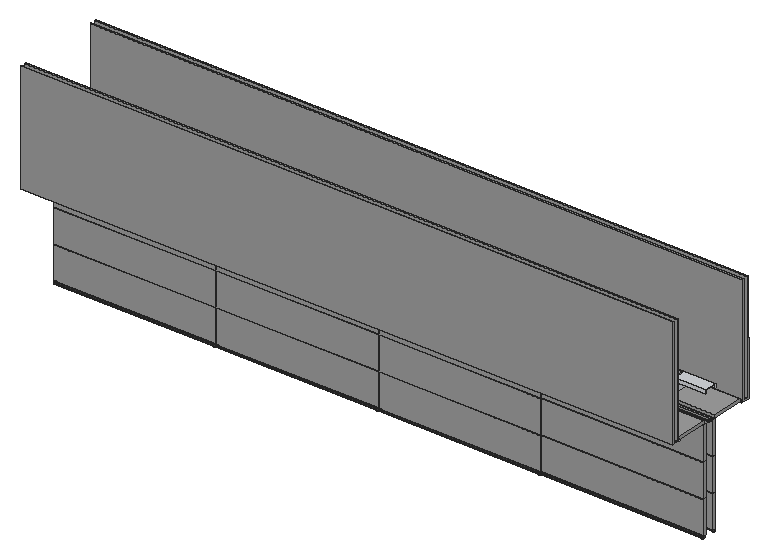
Revit family "Partition-3and1_Panels_High-Skyfold_Zenith_Premium-7-0_to_7-6_FC_2135_to_2285", category Generic Models, host Ceiling, Revit 2026
Family settings
  Host = Ceiling
  Can host rebar = No
  Round Connector Dimension = Use Diameter
  Part Type = Normal
  Always vertical = Yes
  Cut with Voids When Loaded = No
  Maintain Annotation Orientation = No
  Shared = No
  Room Calculation Point = No
Parameters (values of type "3 + 1  Panels high")
  Visibility Of Unfold Single Panel [instance] = and(not(Fold), Number Of Panels < 2)  # no
  Visibility Of Fold Single Panel [instance] = and(Fold, Number Of Panels < 2)  # no
  Visibility Of Fold Panels [instance] = and(Fold, Number Of Panels > 1)  # no
  URL = "http://www.skyfold.com/"
  Total Panel Height = ([Panel Height"F"] * 3) + 0' 1"  # 6' - 9 5/8"
  T.O. Hanger = 8' - 10 9/16"
  Pocket Width Calc = if([Pocket Width"E"] > 5' 11 3/8", 5' 11 3/8", [Pocket Width"E"])  # 5' - 7 1/8"
  Pocket Material [instance] = Default
  Panel Array [instance] = if(Number Of Panels < 3, 2, Number Of Panels)  # 4
  Panel 3 Material [instance] = Default
  Panel 2 Material [instance] = Default
  Offset Of Acoustic Barrier [instance] = Offset From Ceiling  # 0' - 0"
  Model = "Compact Drive System"
  Manufacturer = "Skyfold"
  Horizontal Panel 4 Material [instance] = Default
  Description = "Custom Powerlift Partitions"
  Default Elevation = 0' - 0"
  Center Pantograph Visibility [instance] = Number Of Panels > 2  # yes
  Visibility Of Single Pantograph [instance] = and(Number Of Panels = 2, Total Wall Length > 16' 0 31/32")  # no
  Total Wall Length [instance] = 45' - 0"
  Wall Thickness = 0' - 11 3/4"  # constant formula
  Unfold [instance] = and(not(Fold), Number Of Panels > 1)  # yes
  Pocket Width"E" = ([Panel Height"F"] * 2) + 1' 1 3/8"  # 5' - 7 1/8"
  Panel Length [instance] = (Total Wall Length - 0' 2" - (Number Of Panels - 1) * 0' 0 1/2") / Number Of Panels  # 11' - 2 1/8"
  Panel Height"F" = 2' - 2 7/8"
  Offset From Ceiling [instance] = 0' - 0"
  Center Pantographs [instance] = if(Number Of Panels < 3, 2, Number Of Panels - 1)  # 3
  Number Of Panels [instance] = (Total Wall Length / Max Panel Length) + 0.499  # 4
  Motor Positioning [instance] = if(and(Total Wall Length > 16' 0 15/16", Total Wall Length < 24' 0 5/32"), (Total Wall Length / 2) - ((Panel Length - 2' 8") / 2), if(or(Number Of Panels = 1, Total Wall Length < 16' 1", Number Of Panels = 3, Number Of Panels = 5, Number Of Panels = 7, Number Of Panels = 9, Number Of Panels = 11), (Total Wall Length / 2), (Total Wall Length / 2) - (Panel Length / 2)))  # 16' - 10 15/16"
  Max Wall Length [instance] = 100' - 0"  # constant formula
  Max Panel Length [instance] = 12' - 0"  # constant formula
  Height Distance Between  Panels [instance] = [Panel Height"F"] + 0' 0 1/2"  # 2' - 3 3/8"
  Fold [instance] = no
  Distance From Acoustic Barrier = 0' - 2"  # constant formula
  Distance Between Panels [instance] = Panel Length + 0' 0 1/2"  # 11' - 2 5/8"
  Finished Ceiling"A" = 7' - 0 1/2"
  Panel 1 Material [instance] = Default
  Top Of Acoustic Barrier [instance] = 14' - 7"
  Bulkhead Width = 0' - 5 1/4"
  Beam to Hanger = [Beam Height"B"] - T.O. Hanger  # 0' - 3 7/16"
  Assembly Code = ""
  Beam Height"B" = 9' - 2"
Reference planes (in)
  plane 1 "Center (Front/Back)": y = 0
  plane 2 "Ceiling": z = 96
  plane 3 "Center (Left/Right)": x = 0
  plane 4: y = -33.5625
  plane 5: y = 33.5625
  plane 6: y = -5.875
  plane 7: y = 5.875
  plane 8: x = 540
  plane 9: x = 1
  plane 10: x = 135.625
  plane 11: z = 96
  plane 12: z = 11.5
  plane 13 "Beam height": z = 121.5
  plane 14: x = 202.9375
  plane 15: z = 96
  plane 16: z = 186.5
  plane 17: z = 118.0625
Lines and regions (in)
  Opening 1
    outline origin (0, 3.93322, 96) x (1, 0, 0) y (0, 1, 0)
      loop
        line (0, 34.87928) -> (0, -42.74572) -> (540, -42.74572) -> (540, 34.87928) -> (0, 34.87928)
Dimensions and locks (in)
  equal spacing: host sketch curve, plane 3 "Center (Left/Right)", host sketch curve
  equal spacing: host sketch curve, plane 1 "Center (Front/Back)", host sketch curve
  host sketch curve to host sketch curve = 10' - 0"  (x2)
  plane 2 "Ceiling" to level = 7' - 0"
  equal spacing: plane 4, plane 1 "Center (Front/Back)", plane 5
  "Pocket Width Calc": plane 4 to plane 5
  equal spacing: plane 6, plane 1 "Center (Front/Back)", plane 7
  "Wall Thickness": plane 6 to plane 7
  "Total Wall Length": plane 8 to plane 3 "Center (Left/Right)"
  locked: plane 9 to plane 3 "Center (Left/Right)" at 1
  "Distance Between Panels": plane 10 to plane 9
  equal spacing: group 1, group 2, group 7, group 8  (x3)
  equal spacing: group 3, group 4, group 9, group 10  (x3)
  "Finished Ceiling"A"": plane 11 to plane 12
  locked: nested 7 to plane 3 "Center (Left/Right)" at 32
  locked: plane 8 to nested 8 at 32
  locked: nested 4 to nested 9 at 0.25
  equal spacing: group 5, group 6, group 11  (x3)
  "Distance Between Panels": nested 10 to nested 9
  locked: plane 10 to nested 11 at 0.25
  "Motor Positioning": plane 14 to plane 3 "Center (Left/Right)"
  "Offset From Ceiling": plane 11 to plane 15
  "Top Of Acoustic Barrier": plane 16 to plane 12
  "Beam Height"B"": plane 13 "Beam height" to plane 12
  plane 17 to plane 15 = 1' - 10 1/16"
  aligned and locked: Opening 1 sketch curve to plane 8
  aligned and locked: plane 2 "Ceiling" to host ceiling
  aligned and locked: nested 1 to plane 1 "Center (Front/Back)"
  aligned and locked: plane 9 to nested 1
  aligned and locked: plane 10 to nested 3
  aligned and locked: plane 10 to nested 4
  aligned and locked: plane 8 to nested 5
  aligned and locked: plane 3 "Center (Left/Right)" to nested 5
  aligned and locked: nested 12 to plane 1 "Center (Front/Back)"
  aligned and locked: nested 13 to plane 1 "Center (Front/Back)"
  aligned and locked: nested 14 to nested 13
  aligned and locked: plane 9 to nested 14
  aligned and locked: nested 15 to nested 13
  aligned and locked: plane 9 to nested 15
  aligned and locked: plane 14 to nested 6
  aligned and locked: nested 12 to plane 15
  aligned and locked: nested 2 to plane 15
  aligned and locked: nested 14 to plane 15
  aligned and locked: nested 4 to plane 15
  aligned and locked: plane 2 "Ceiling" to plane 11
  aligned and locked: plane 7 to nested 17
  aligned and locked: nested 16 to plane 11
  aligned and locked: plane 15 to nested 15
  aligned and locked: plane 15 to nested 1
  aligned and locked: nested 13 to nested 3
  aligned and locked: plane 17 to nested 11  (x2)
  aligned and locked: nested 8 to plane 17
  aligned and locked: plane 17 to nested 7
  aligned and locked: plane 15 to nested 3
  aligned and locked: nested 13 to nested 12
  aligned and locked: nested 10 to plane 17
  aligned and locked: plane 17 to nested 9
  aligned and locked: nested 19 to nested 6
  aligned and locked: nested 5 to nested 7
  aligned and locked: nested 6 to nested 7
  aligned and locked: nested 17 to plane 13 "Beam height"
  aligned and locked: plane 1 "Center (Front/Back)" to nested 20
  aligned and locked: plane 16 to nested 20
  aligned and locked: nested 20 to nested 12
  aligned and locked: Opening 1 sketch curve to nested 20  (x2)
Automatic sketch dimensions
  Opening 1 sketch curve to plane 3 "Center (Left/Right)" = 0' - 0"
Nested families (in)
  nested 1: "5 panels group" at (1, 0, -133.8586), visible <- "Unfold", Panel 3 Material <- "Panel 3 Material", Panel 2 Material <- "Panel 2 Material", Panel 1 Material <- "Panel 1 Material", Panel Length <- "Panel Length", type "5 panels group"
    with Total Panel Height 6' - 9 5/8", Panel Length 11' - 2 1/8", Panel 3 Material Default, Panel 2 Material Default, Panel 1 Material Default, Horizontal Panel 4 Material Default
  nested 2: "Horizontal panel" at (1, 12.57079, 84), visible <- "Visibility Of Fold Panels", Panel Length <- "Panel Length", Panel Height <- "Panel Height"F"", type "Horizontal panel"
    with Panel Material Default, Panel Length 11' - 2 1/8", Panel Height 2' - 2 7/8"
  nested 3: "5 panels group" at (135.625, 0, -133.8586), visible <- "Unfold", Panel 3 Material <- "Panel 3 Material", Panel 2 Material <- "Panel 2 Material", Panel 1 Material <- "Panel 1 Material", Panel Length <- "Panel Length", type "5 panels group"
    with Total Panel Height 6' - 9 5/8", Panel Length 11' - 2 1/8", Panel 3 Material Default, Panel 2 Material Default, Panel 1 Material Default, Horizontal Panel 4 Material Default
  nested 4: "Horizontal panel" at (135.625, 12.57079, 84), visible <- "Visibility Of Fold Panels", Panel Length <- "Panel Length", Panel Height <- "Panel Height"F"", type "Horizontal panel"
    with Panel Material Default, Panel Length 11' - 2 1/8", Panel Height 2' - 2 7/8"
  nested 5: "Beam" at (0, -10.75, 102.80469), type "Pocket"
    with Total_Wall_Length 45' - 0"
  nested 6: "Motor" at (185.9375, -23, 111.5), type "Compact"
    with Motor_Height 0' - 10"
  nested 7: "Pantograph" at (54.25, -4, 110.3125) x (0, 1, 0) z (0, 0, 1), type "Pantograph"
    with Beam to Hanger 0' - 3 7/16"
  nested 8: "Pantograph" at (530.25, -4, 110.3125) x (0, 1, 0) z (0, 0, 1), type "Pantograph"
    with Beam to Hanger 0' - 3 7/16"
  nested 9: "Pantograph" at (157.625, -4, 110.3125) x (0, 1, 0) z (0, 0, 1), visible <- "Center Pantograph Visibility", type "Pantograph"
    with Visibility Of Single Pantograph yes, Beam to Hanger 0' - 3 7/16"
  nested 10: "Pantograph" at (292.25, -4, 110.3125) x (0, 1, 0) z (0, 0, 1), visible <- "Center Pantograph Visibility", type "Pantograph"
    with Visibility Of Single Pantograph yes, Beam to Hanger 0' - 3 7/16"
  nested 11: "Pantograph" at (157.625, -4, 110.3125) x (0, 1, 0) z (0, 0, 1), visible <- "Visibility Of Single Pantograph", type "Pantograph"
    with Beam to Hanger 0' - 3 7/16"
  nested 12: "2D Fold Panels" at (1, 2.5592, 96) x (0, 1, 0) z (1, 0, 0), visible <- "Fold", Panel_Height <- "Panel Height"F"", type "Complete Panels"
    with Panel_Height 2' - 2 7/8"
  nested 13: "2D Unfold Panels" at (1, -0.69511, 2.28125) x (0, 1, 0) z (1, 0, 0), visible <- "Unfold", type "Unfold panels"
    with Total Panel Height 6' - 9 5/8", Panel height 2' - 2 7/8", Horizontal Panel Length 2' - 1 7/8", Height Distance Between  Panels 2' - 3 3/8"
  nested 14: "Horizontal panel" at (1, 12.57079, 84), visible <- "Visibility Of Fold Single Panel", Panel Material <- "Panel 1 Material", Panel Length <- "Panel Length", Panel Height <- "Panel Height"F"", type "Horizontal panel"
    with Panel Material Default, Panel Length 11' - 2 1/8", Panel Height 2' - 2 7/8"
  nested 15: "5 panels group" at (1, 0, -133.8586), visible <- "Visibility Of Unfold Single Panel", Panel 3 Material <- "Panel 3 Material", Panel 2 Material <- "Panel 2 Material", Panel 1 Material <- "Panel 1 Material", Panel Length <- "Panel Length", type "5 panels group"
    with Total Panel Height 6' - 9 5/8", Panel Length 11' - 2 1/8", Panel 3 Material Default, Panel 2 Material Default, Panel 1 Material Default, Horizontal Panel 4 Material Default
  nested 16: "Suspended Ceiling Component" at (1020, 39.8125, 96) x (0, 1, 0) z (1, 0, 0), type "Suspended Ceiling Component"
  nested 17: "construction as per ASTM E557 Component" at (1020, 5.875, 121.5) x (0, 1, 0) z (1, 0, 0), type "construction as per ASTM E557 Component"
  nested 18: "Disclaimer Component" at (1020, -39.8125, 121.5) x (0, 1, 0) z (1, 0, 0), type "Disclaimer Component"
  nested 19: "Acoustic barrier note" at (0, 39.8125, 110.41531) x (0, -1, 0) z (-1, 0, 0), type "Acoustic barrier note"
  nested 20: "Pocket" at (0, -10.75, 97.30469), Total Wall Length <- "Total Wall Length", Beam Height <- "Beam Height"B"", Pocket Material <- "Pocket Material", type "Pocket"
    with Total Wall Length 45' - 0", T.O. Acoustic 15' - 5", Pocket Material Default, Offset 0' - 0 1/2", Beam Height 9' - 2", Acoustic Barrier"C" 1' - 7 5/8", Pocket Width"E" 5' - 7 1/8"
  nested 21: "5 panels group" at (270.25, 0, -133.8586), visible <- "Unfold", Panel 3 Material <- "Panel 3 Material", Panel 2 Material <- "Panel 2 Material", Panel 1 Material <- "Panel 1 Material", Panel Length <- "Panel Length", type "5 panels group"
    with Total Panel Height 6' - 9 5/8", Panel Length 11' - 2 1/8", Panel 3 Material Default, Panel 2 Material Default, Panel 1 Material Default, Horizontal Panel 4 Material Default
  nested 22: "5 panels group" at (404.875, 0, -133.8586), visible <- "Unfold", Panel 3 Material <- "Panel 3 Material", Panel 2 Material <- "Panel 2 Material", Panel 1 Material <- "Panel 1 Material", Panel Length <- "Panel Length", type "5 panels group"
    with Total Panel Height 6' - 9 5/8", Panel Length 11' - 2 1/8", Panel 3 Material Default, Panel 2 Material Default, Panel 1 Material Default, Horizontal Panel 4 Material Default
  nested 23: "Horizontal panel" at (270.25, 12.57079, 84), visible <- "Visibility Of Fold Panels", Panel Length <- "Panel Length", Panel Height <- "Panel Height"F"", type "Horizontal panel"
    with Panel Material Default, Panel Length 11' - 2 1/8", Panel Height 2' - 2 7/8"
  nested 24: "Horizontal panel" at (404.875, 12.57079, 84), visible <- "Visibility Of Fold Panels", Panel Length <- "Panel Length", Panel Height <- "Panel Height"F"", type "Horizontal panel"
    with Panel Material Default, Panel Length 11' - 2 1/8", Panel Height 2' - 2 7/8"
  nested 25: "Pantograph" at (426.875, -4, 110.3125) x (0, 1, 0) z (0, 0, 1), visible <- "Center Pantograph Visibility", type "Pantograph"
    with Visibility Of Single Pantograph yes, Beam to Hanger 0' - 3 7/16"
Definition of nested family "5 panels group"
  Parameters (values of type "5 panels group")
    Total Panel Height [instance] = (Panel Height * 3) + 0' 1"  # 6' - 9 5/8"
    Panel Length [instance] = 3' - 0"
    Panel Height = 2' - 2 7/8"
    Panel 3 Material [instance] = none
    Panel 2 Material [instance] = none
    Panel 1 Material [instance] = none
    Horizontal Panel Height = Panel Height - 0' 1"  # 2' - 1 7/8"
    Horizontal Panel 4 Material [instance] = none
    Height Distance Between  Panels = Panel Height + 0' 0 1/2"  # 2' - 3 3/8"
    Folded Width = 0' - 11 3/4"
    Default Elevation = 0' - 0"
    Assembly Code = ""
  Reference planes (in)
    plane 1 "Center (Front/Back)": y = 0
    plane 2: z = 0
    plane 3 "Center (Left/Right)": x = 0
    plane 4: y = 5.875
    plane 5: z = 229.8586
    plane 6: y = -5.875
    plane 7: x = 36
    plane 8: z = 147.3586
    plane 9: z = 201.6086
    plane 10: z = 174.2336
    plane 11: z = 228.9836
  Forms (in)
    Extrusion 1, solid
      sketch origin (0, 1.79895, 58.50004) x (0, 1, 0) y (0, 0, 1)
        loop
          line (-6.80477, 87.17846) -> (-7.05382, 88.60856) -> (-6.92395, 88.60856) -> (-6.92395, 88.85857) -> (-7.67395, 88.85857) -> (-7.67395, 88.60856) -> (-7.41508, 88.60856) -> (-7.66413, 87.17846)
          arc (-7.66413, 87.17846) -> (-7.23445, 86.74878) -> (-6.80477, 87.17846) r 0.42968
      from 0 to 36
    Extrusion 2, solid
      sketch origin (0, -1.79895, 58.50004) x (0, -1, 0) y (0, 0, -1)
        loop
          arc (-6.80477, -87.17846) -> (-7.23445, -86.74878) -> (-7.66413, -87.17846) r 0.42968
          line (-7.66413, -87.17846) -> (-7.41508, -88.60856) -> (-7.67395, -88.60856) -> (-7.67395, -88.85857) -> (-6.92395, -88.85857) -> (-6.92395, -88.60856) -> (-7.05382, -88.60856) -> (-6.80477, -87.17846)
      from 0 to 36
  Dimensions and locks (in)
    equal spacing: plane 6, plane 1 "Center (Front/Back)", plane 4
    "Folded Width": plane 6 to plane 4
    "Panel Length": plane 7 to plane 3 "Center (Left/Right)"
    plane 5 to plane 11 = 0' - 0 7/8"
    plane 11 to plane 5 = 0' - 0 7/8"
    "Panel Height": nested 5 to nested 5
    "Panel Height": nested 3 to nested 3
    "Panel Height": nested 1 to nested 1
    "Height Distance Between  Panels": plane 11 to plane 9
    "Total Panel Height": plane 11 to plane 8
    "Panel Height": plane 11 to nested 2
    "Panel Height": nested 4 to nested 4
    "Panel Height": nested 6 to nested 6
    equal spacing: plane 11, plane 9, plane 10
    aligned: plane 4 to nested 1
    aligned: plane 6 to nested 2
    aligned and locked: plane 3 "Center (Left/Right)" to nested 1
    aligned and locked: plane 7 to Extrusion 1
    aligned and locked: Extrusion 1 to plane 3 "Center (Left/Right)"
    aligned and locked: Extrusion 1 to plane 6
    aligned and locked: Extrusion 2 to plane 3 "Center (Left/Right)"
    aligned and locked: plane 7 to Extrusion 2
    aligned and locked: plane 9 to nested 3
    aligned and locked: nested 4 to plane 9
    aligned and locked: plane 10 to nested 5
    aligned and locked: nested 6 to plane 10
    aligned: nested 2 to plane 11
    aligned: plane 11 to nested 1
    aligned and locked: plane 6 to nested 2
    aligned and locked: plane 6 to nested 4
    aligned and locked: plane 6 to nested 6
    aligned and locked: plane 4 to nested 5
    aligned and locked: plane 4 to nested 3
    aligned and locked: plane 4 to nested 1
    aligned and locked: plane 11 to nested 1
    aligned and locked: nested 2 to plane 11
    aligned and locked: nested 8 to plane 7
    aligned and locked: plane 7 to nested 7
  Automatic sketch dimensions
    Extrusion 1 sketch curve to plane 6 = 0' - 0"
    plane 6 to Extrusion 1 sketch curve = 0' - 0.00982"
    Extrusion 1 sketch curve to Extrusion 1 sketch curve = 0' - 0.25887"
    Extrusion 1 sketch curve to Extrusion 1 sketch curve = 0' - 0 55/128"
    Extrusion 1 sketch curve to plane 8 = 0' - 0 1/4"  (x2)
    Extrusion 1 sketch curve to Extrusion 1 sketch curve = 0' - 0.36126"
    plane 8 to Extrusion 1 sketch curve = 0' - 0"
    Extrusion 1 sketch curve to Extrusion 1 sketch curve = 0' - 0.12987"
    Extrusion 1 sketch curve to Extrusion 1 sketch curve = 0' - 1.4301"
    Extrusion 2 sketch curve to plane 4 = 0' - 0"
    plane 4 to Extrusion 2 sketch curve = 0' - 0.00982"
    Extrusion 2 sketch curve to Extrusion 2 sketch curve = 0' - 0.25887"
    Extrusion 2 sketch curve to Extrusion 2 sketch curve = 0' - 0 55/128"
    plane 8 to Extrusion 2 sketch curve = 0' - 0 1/4"  (x2)
    Extrusion 2 sketch curve to Extrusion 2 sketch curve = 0' - 0.36126"
    Extrusion 2 sketch curve to plane 8 = 0' - 0"
    Extrusion 2 sketch curve to Extrusion 2 sketch curve = 0' - 0.12987"
    Extrusion 2 sketch curve to Extrusion 2 sketch curve = 0' - 1.4301"
  Nested families (in)
    nested 1: "Top panel" at (0, 3.625, 202.1086), Panel Length <- "Panel Length", Panel Height <- "Panel Height", Panel Material <- "Panel 3 Material", type "Panneau_top"
      with Panel Material none, Panel Length 3' - 0", Panel Height 2' - 2 7/8"
    nested 2: "Top panel" at (0, -3.625, 202.1086), Panel Length <- "Panel Length", Panel Height <- "Panel Height", Panel Material <- "Panel 3 Material", type "Panneau_top"
      with Panel Material none, Panel Length 3' - 0", Panel Height 2' - 2 7/8"
    nested 3: "Panneau_top" at (0, 3.625, 174.7336), panel_height <- "Panel Height", panel_length <- "Panel Length", Panel_Material <- "Panel 2 Material", type "Panneau_top"
      with panel_length 3' - 0", panel_height 2' - 2 7/8", Panel_Material none
    nested 4: "Panneau_top" at (0, -3.625, 174.7336), panel_height <- "Panel Height", panel_length <- "Panel Length", Panel_Material <- "Panel 2 Material", type "Panneau_top"
      with panel_length 3' - 0", panel_height 2' - 2 7/8", Panel_Material none
    nested 5: "Panneau_top" at (0, 3.625, 147.3586), panel_height <- "Panel Height", panel_length <- "Panel Length", Panel_Material <- "Panel 1 Material", type "Panneau_top"
      with panel_length 3' - 0", panel_height 2' - 2 7/8", Panel_Material none
    nested 6: "Panneau_top" at (0, -3.625, 147.3586), panel_height <- "Panel Height", panel_length <- "Panel Length", Panel_Material <- "Panel 1 Material", type "Panneau_top"
      with panel_length 3' - 0", panel_height 2' - 2 7/8", Panel_Material none
    nested 7: "Horizontal panel" at (36, 5.59579, 229.8586) x (0, 1, 0) z (0, 0, 1), Horizontal Panel Height <- "Horizontal Panel Height", Panel Length <- "Panel Length", Panel Material <- "Horizontal Panel 4 Material", type "Panneau_top"
      with Panel Material none, Panel Length 3' - 0", Horizontal Panel Height 2' - 1 7/8"
    nested 8: "Horizontal panel" at (36, -5.59579, 229.8586) x (0, -1, 0) z (0, 0, 1), Horizontal Panel Height <- "Horizontal Panel Height", Panel Length <- "Panel Length", Panel Material <- "Horizontal Panel 4 Material", type "Panneau_top"
      with Panel Material none, Panel Length 3' - 0", Horizontal Panel Height 2' - 1 7/8"
  Definition of nested family "Top panel"
    Parameters (values of type "Panneau_top")
      Panel Material [instance] = none
      Panel Length [instance] = 4' - 0"
      Panel Height [instance] = 4' - 0"
      Default Elevation = 0' - 0"
      Assembly Code = ""
    Reference planes (in)
      plane 1 "Center (Front/Back)": y = 0
      plane 2: z = 0
      plane 3 "Center (Left/Right)": x = 0
      plane 4: x = 48
      plane 5: z = 48
    Forms (in)
      Extrusion 1, solid, material <- "Panel Material"
        sketch origin (0, 1.5, 0) x (0, 1, 0) y (0, 0, 1)
          loop
            line (-1.5, 48) -> (-1.5, 0) -> (0.75, 0) -> (0.75, 48) -> (-1.5, 48)
        from 0 to 48
    Dimensions and locks (in)
      "Panel Length": plane 4 to plane 3 "Center (Left/Right)"
      locked: plane 1 "Center (Front/Back)" to Extrusion 1 at 2.25
      "Panel Height": plane 5 to plane 2
      aligned and locked: plane 4 to Extrusion 1
      aligned and locked: Extrusion 1 sketch curve to plane 2
      aligned and locked: plane 1 "Center (Front/Back)" to Extrusion 1
      aligned and locked: plane 5 to Extrusion 1
    Automatic sketch dimensions
      Extrusion 1 sketch curve to Extrusion 1 sketch curve = 0' - 2 1/4"
      Extrusion 1 sketch curve to plane 1 "Center (Front/Back)" = 0' - 0"
      Extrusion 1 sketch curve to plane 5 = 0' - 0"
  Definition of nested family "Panneau_top"
    Parameters
      panel_length [instance] = 4' - 0"
      panel_height [instance] = 4' - 0"
      Panel_Material [instance] = none
      Default Elevation = 0' - 0"
      Assembly Code = ""
    Reference planes (in)
      plane 1 "Center (Front/Back)": y = 0
      plane 2: z = 0
      plane 3 "Center (Left/Right)": x = 0
      plane 4: z = 48
      plane 5: x = 48
    Forms (in)
      Extrusion 1, solid, material <- "Panel_Material"
        sketch origin (0, 1.5, 0) x (0, 1, 0) y (0, 0, 1)
          loop
            line (-1.5, 48) -> (-1.5, 0) -> (0.75, 0) -> (0.75, 48) -> (-1.5, 48)
        from 0 to 48
    Dimensions and locks (in)
      "panel_length": plane 5 to plane 3 "Center (Left/Right)"
      "panel_height": plane 4 to plane 2
      locked: plane 1 "Center (Front/Back)" to Extrusion 1 at 2.25
      aligned and locked: plane 4 to Extrusion 1
      aligned and locked: plane 5 to Extrusion 1
      aligned and locked: Extrusion 1 sketch curve to plane 2
      aligned and locked: plane 1 "Center (Front/Back)" to Extrusion 1
    Automatic sketch dimensions
      Extrusion 1 sketch curve to plane 4 = 0' - 0"
      Extrusion 1 sketch curve to Extrusion 1 sketch curve = 0' - 2 1/4"
      Extrusion 1 sketch curve to plane 1 "Center (Front/Back)" = 0' - 0"
  Definition of nested family "Horizontal panel"
    Parameters (values of type "Panneau_top")
      Panel Material [instance] = none
      Panel Length [instance] = 4' - 0"
      Horizontal Panel Height [instance] = 4' - 0"
      Default Elevation = 0' - 0"
      Assembly Code = ""
    Reference planes (in)
      plane 1 "Center (Front/Back)": y = 0
      plane 2: z = 0
      plane 3 "Center (Left/Right)": x = 0
      plane 4: x = 48
      plane 5: z = 2.25
      plane 6: y = 48
    Forms (in)
      Extrusion 1, solid, material <- "Panel Material"
        sketch origin (0, 1.5, 0) x (0, 1, 0) y (0, 0, 1)
          loop
            line (-1.5, 2.25) -> (-1.5, 0) -> (46.5, 0) -> (46.5, 2.25) -> (-1.5, 2.25)
        from 0 to 48
    Dimensions and locks (in)
      "Horizontal Panel Height": plane 4 to plane 3 "Center (Left/Right)"
      plane 1 "Center (Front/Back)" to Extrusion 1 = 4' - 0"
      "Panel Length": plane 6 to plane 1 "Center (Front/Back)"
      aligned and locked: plane 4 to Extrusion 1
      aligned and locked: Extrusion 1 sketch curve to plane 2
      aligned and locked: Extrusion 1 to plane 5
      aligned and locked: plane 1 "Center (Front/Back)" to Extrusion 1
      aligned and locked: Extrusion 1 to plane 6
    Automatic sketch dimensions
      Extrusion 1 sketch curve to Extrusion 1 sketch curve = 4' - 0"
      Extrusion 1 sketch curve to plane 1 "Center (Front/Back)" = 0' - 0"
      Extrusion 1 sketch curve to plane 5 = 0' - 0"
Definition of nested family "Horizontal panel"
  Parameters (values of type "Horizontal panel")
    Pocket Depth = 3' - 0"
    Panel Material [instance] = none
    Panel Length [instance] = 4' - 0"
    Panel Height [instance] = 3' - 0"
    Default Elevation = 0' - 0"
    Assembly Code = ""
  Reference planes (in)
    plane 1 "Center (Front/Back)": y = -12.57079
    plane 2: z = 0
    plane 3 "Center (Left/Right)": x = 0
    plane 4: z = 48
    plane 5: x = 48
    plane 6: y = -15.82079
    plane 7: y = -9.32079
    plane 8: z = 12
    plane 9: y = 26.67921
    plane 10: z = 14.25
    plane 11: y = -51.82079
  Forms (in)
    Extrusion 1, solid, material <- "Panel Material"
      sketch origin (0, 5.05768, 40.06591) x (0, 0, -1) y (0, 1, 0)
        loop
          line (25.81591, 21.62154) -> (25.81591, -14.37846) -> (28.06591, -14.37846) -> (28.06591, 21.62154) -> (25.81591, 21.62154)
      from 0 to 48
    Extrusion 2, solid, material <- "Panel Material"
      sketch origin (0, -28.3555, 40.06591) x (0, 0, -1) y (0, 1, 0)
        loop
          line (25.81591, -23.46529) -> (28.06591, -23.46529) -> (28.06591, 12.53471) -> (25.81591, 12.53471) -> (25.81591, -23.46529)
      from 0 to 48
    Extrusion 3, solid
      sketch origin (0, 0, 0) x (0, 1, 0) y (0, 0, 1)
        loop
          line (-13.96908, 12.83522) -> (-15.57077, 12.58617) -> (-15.57077, 12.71604) -> (-15.82079, 12.71604) -> (-15.82079, 12) -> (-15.57077, 12) -> (-15.57077, 12.22491) -> (-13.96908, 11.97586)
          arc (-13.96908, 11.97586) -> (-13.5394, 12.40554) -> (-13.96908, 12.83522) r 0.42968
      from 0 to 48
    Extrusion 4, solid
      sketch origin (0, -25.14157, 0) x (0, -1, 0) y (0, 0, -1)
        loop
          arc (-13.96908, -12.83522) -> (-13.5394, -12.40554) -> (-13.96908, -11.97586) r 0.42968
          line (-13.96908, -11.97586) -> (-15.57077, -12.22491) -> (-15.57077, -12) -> (-15.82079, -12) -> (-15.82079, -12.71604) -> (-15.57077, -12.71604) -> (-15.57077, -12.58617) -> (-13.96908, -12.83522)
      from 0 to 48
  Dimensions and locks (in)
    "Panel Length": plane 5 to plane 3 "Center (Left/Right)"
    equal spacing: plane 6, plane 1 "Center (Front/Back)", plane 7
    locked: plane 6 to plane 7 at 6.5
    "Pocket Depth": plane 4 to plane 8
    "Panel Height": plane 7 to plane 9
    locked: plane 10 to plane 8 at 2.25
    "Panel Height": plane 11 to plane 6
    aligned: Extrusion 1 to plane 4
    aligned and locked: plane 5 to Extrusion 1
    aligned and locked: Extrusion 1 to plane 7
    aligned and locked: plane 9 to Extrusion 1
    aligned and locked: Extrusion 1 to plane 8
    aligned and locked: plane 10 to Extrusion 1
    aligned and locked: Extrusion 2 to plane 11
    aligned and locked: plane 5 to Extrusion 2
    aligned and locked: import instance to plane 8
    aligned and locked: import instance to plane 6
    aligned and locked: Extrusion 3 sketch curve to import instance  (x8)
    aligned and locked: Extrusion 4 sketch curve to import instance  (x8)
    aligned and locked: Extrusion 3 to plane 3 "Center (Left/Right)"
    aligned and locked: plane 5 to Extrusion 4
    aligned and locked: plane 5 to Extrusion 3
    aligned and locked: Extrusion 4 to plane 3 "Center (Left/Right)"
  Automatic sketch dimensions
    Extrusion 3 sketch curve to Extrusion 3 sketch curve = 0' - 0.12987"
    Extrusion 1 sketch curve to plane 7 = 0' - 0"
    Extrusion 1 sketch curve to plane 10 = 0' - 0"
    Extrusion 1 sketch curve to plane 8 = 0' - 0"
    Extrusion 1 sketch curve to plane 9 = 0' - 0"
    Extrusion 2 sketch curve to plane 6 = 0' - 0"
    Extrusion 2 sketch curve to plane 10 = 0' - 0"
    Extrusion 2 sketch curve to plane 8 = 0' - 0"
    Extrusion 2 sketch curve to plane 11 = 0' - 0"
    Extrusion 4 sketch curve to Extrusion 4 sketch curve = 0' - 0.12987"
Definition of nested family "Beam"
  Parameters
    Total_Wall_Length [instance] = 4' - 0"
    Default Elevation = 0' - 0"
    Assembly Code = ""
  Reference planes (in)
    plane 1 "Center (Front/Back)": y = 10.75
    plane 2: z = 18.69531
    plane 3 "Center (Left/Right)": x = 0
    plane 4: y = 4.75
    plane 5: y = 16.75
    plane 6: x = 48
    plane 7: z = 46.69531
    plane 8: z = -103.30469
  Forms (in)
    Extrusion 1, solid
      sketch origin (0, 0, -30) x (0, 1, 0) y (0, 0, 1)
        loop
          line (5.75, 48.69531) -> (5.75, 46.07031) -> (6.125, 46.07031) -> (6.125, 48.32031) -> (15.375, 48.32031) -> (15.375, 46.07031) -> (15.75, 46.07031) -> (15.75, 48.69531) -> (5.75, 48.69531)
      from 0 to 48
  Dimensions and locks (in)
    plane 4 to plane 1 "Center (Front/Back)" = 0' - 6"
    plane 4 to plane 5 = 1' - 0"
    "Total_Wall_Length": plane 6 to plane 3 "Center (Left/Right)"
    Extrusion 1 sketch curve to Extrusion 1 sketch curve = 0' - 10"
    Extrusion 1 sketch curve to Extrusion 1 sketch curve = 0' - 9 1/4"
    locked: Extrusion 1 sketch curve to Extrusion 1 sketch curve at 0.375  (x2)
    locked: Extrusion 1 sketch curve to Extrusion 1 sketch curve at 2.625
    aligned and locked: plane 8 to level
    aligned and locked: Extrusion 1 sketch curve to Extrusion 1 sketch curve
    aligned and locked: plane 6 to Extrusion 1
    aligned and locked: Extrusion 1 to plane 3 "Center (Left/Right)"
  Automatic sketch dimensions
    Extrusion 1 sketch curve to plane 2 = 0' - 0"
    plane 4 to Extrusion 1 sketch curve = 0' - 1"
    Extrusion 1 sketch curve to plane 5 = 0' - 1 3/8"
    Extrusion 1 sketch curve to Extrusion 1 sketch curve = 0' - 0 3/8"
Definition of nested family "Motor"
  Parameters (values of type "Compact")
    Motor_Width = 5' - 10"
    Motor_Length = 2' - 10"
    Motor_Height = 1' - 0 1/4"
    Default Elevation = 0' - 0"
    Assembly Code = ""
  Reference planes (in)
    plane 1 "Center (Front/Back)": y = 23
    plane 2: z = 0
    plane 3 "Center (Left/Right)": x = 0
    plane 4: y = 6.01
    plane 5: y = 56.83657
    plane 6: z = 12.25
    plane 7: x = 34
    plane 8: x = 17
  Forms (in)
    Extrusion 1, solid
      sketch origin (0, 0, 0) x (0, 1, 0) y (0, 0, 1)
        loop
          line (6.01, 12.25) -> (6.01, 0) -> (56.83657, 0) -> (56.83657, 12.25) -> (6.01, 12.25)
      from 0 to 34
  Dimensions and locks (in)
    "Motor_Height": plane 6 to plane 2
    "Motor_Length": plane 7 to plane 3 "Center (Left/Right)"
    equal spacing: plane 7, plane 8, plane 3 "Center (Left/Right)"
    aligned and locked: plane 4 to Extrusion 1 sketch curve
    aligned and locked: Extrusion 1 sketch curve to plane 6
    aligned and locked: level to Extrusion 1 sketch curve
    aligned and locked: Extrusion 1 sketch curve to plane 5
    aligned and locked: plane 7 to Extrusion 1
    aligned and locked: nested 1 to plane 1 "Center (Front/Back)"
    aligned and locked: plane 6 to nested 1
    aligned and locked: plane 5 to nested 1
  Nested families (in)
    nested 1: "Famille12" at (34, 23.11047, 4.24211) x (0, 1, 0) z (1, 0, 0), type "Famille12"
  Definition of nested family "Famille12"
    Reference planes (in)
      plane 1 "Centre (avant/arrière)": y = 1.97983
      plane 2: z = 0
      plane 3 "Centre (gauche/droite)": x = -0.11047
      plane 4: x = -17.10047
      plane 5: x = 33.7261
    Lines and regions (in)
      Filled region 1, type "Compact motor.dwg-2", in view "Niveau de réf."
        outline origin (-4.2132, 0, 0) x (1, 0, 0) y (0, 1, 0)
          loop
            line (10.16523, 0.56493) -> (11.89605, 0.56493) -> (11.89605, -1.20672) -> (12.32913, -1.20672) -> (12.32913, -2.58467) -> (12.48661, -2.58467) -> (12.48661, -3.0768) -> (18.66771, -3.0768) -> (18.66771, -2.97837) -> (19.61259, -2.97837) -> (19.61259, -1.99412) -> (22.05354, -1.99412) -> (22.08392, -1.6468) -> (22.3685, -1.6468) -> (22.3685, -1.47098) -> (23.5496, -1.47098) -> (23.5496, -1.52168) -> (24.01023, -1.52168) -> (24.01023, -1.38389) -> (24.14124, -1.38389) -> (24.15812, -1.47959) -> (24.96692, -1.56459) -> (29.41574, -1.56459) -> (30.05415, -1.51696) -> (30.48857, -1.51696) -> (30.48857, -1.67444) -> (30.86259, -1.67444) -> (30.86259, -1.51696) -> (37.9393, -1.51696) -> (37.9393, 5.40273) -> (30.86259, 5.40273) -> (30.86259, 5.56021) -> (30.48857, 5.56021) -> (30.48857, 5.40273) -> (30.04566, 5.40273) -> (29.41574, 5.45037) -> (24.96692, 5.45037) -> (24.15812, 5.36536) -> (24.14124, 5.26966) -> (24.01023, 5.26966) -> (24.01023, 5.40745) -> (23.5496, 5.40745) -> (23.53114, 5.35675) -> (22.3685, 5.35675) -> (22.3685, 5.53258) -> (22.08392, 5.53258) -> (22.05354, 5.87989) -> (20.61653, 5.87989) -> (20.61653, 5.998) -> (19.94724, 5.998) -> (19.94724, 5.87989) -> (19.61259, 5.87989) -> (19.61259, 6.96257) -> (12.48661, 6.96257) -> (12.48661, 6.47044) -> (12.32913, 6.47044) -> (12.32913, 5.09249) -> (11.89605, 5.09249) -> (11.89605, 3.85039) -> (10.16523, 3.85039) -> (10.16523, 5.94789) -> (8.41523, 5.94789) -> (8.41523, 8.00789) -> (-0.20977, 8.00789) -> (-0.20977, 6.42989) -> (-12.88727, 6.42989) -> (-12.88727, -0.05211) -> (-5.03715, -0.05211) -> (-5.03715, -2.05211) -> (0.04023, -2.05211) -> (0.04023, -4.18026) -> (8.16523, -4.18026) -> (8.16523, -2.05211) -> (10.16523, -2.05211) -> (10.16523, 0.56493)
      model lines, in view "Niveau de réf."
        curve 1: line (3.95203, -4.18026, 0) -> (-4.17297, -4.18026, 0)
        curve 2: line (-17.10047, -0.05211, 0) -> (-17.10047, 6.42989, 0)
        curve 3: line (-4.42297, 8.00789, 0) -> (4.20203, 8.00789, 0)
      detail lines, in view "Niveau de réf."
        curve 4: line (5.95203, 3.85039, 0) -> (5.95203, 5.94789, 0)
        curve 5: line (7.68285, 3.85039, 0) -> (5.95203, 3.85039, 0)
        curve 6: line (7.68285, 4.69879, 0) -> (7.68285, 3.85039, 0)
        curve 7: line (8.27341, 6.47044, 0) -> (8.11592, 6.47044, 0)
        curve 8: line (8.27341, 6.96257, 0) -> (8.27341, 6.47044, 0)
        curve 9: line (15.39939, 6.96257, 0) -> (8.27341, 6.96257, 0)
        curve 10: line (15.39939, 5.87989, 0) -> (15.39939, 6.96257, 0)
        curve 11: line (33.7261, 5.40273, 0) -> (26.64939, 5.40273, 0)
        curve 12: line (33.7261, -1.51696, 0) -> (33.7261, 5.40273, 0)
        curve 13: line (26.64939, -1.51696, 0) -> (33.7261, -1.51696, 0)
        curve 14: line (18.1553, -1.47098, 0) -> (19.3364, -1.47098, 0)
        curve 15: line (18.1553, -1.6468, 0) -> (18.1553, -1.47098, 0)
        curve 16: line (17.87072, -1.6468, 0) -> (18.1553, -1.6468, 0)
        curve 17: line (17.84033, -1.99412, 0) -> (17.87072, -1.6468, 0)
        curve 18: line (15.39939, -1.99412, 0) -> (17.84033, -1.99412, 0)
        curve 19: line (15.39939, -2.97837, 0) -> (15.39939, -1.99412, 0)
        curve 20: line (14.45451, -2.97837, 0) -> (15.39939, -2.97837, 0)
        curve 21: line (14.45451, -3.0768, 0) -> (14.45451, -2.97837, 0)
        curve 22: line (8.27341, -3.0768, 0) -> (14.45451, -3.0768, 0)
        curve 23: line (8.27341, -2.58467, 0) -> (8.27341, -3.0768, 0)
        curve 24: line (8.11592, -2.58467, 0) -> (8.27341, -2.58467, 0)
        curve 25: line (8.11592, -1.20672, 0) -> (8.11592, -2.58467, 0)
        curve 26: line (7.91907, -1.20672, 0) -> (8.11592, -1.20672, 0)
        curve 27: line (7.91907, -1.15038, 0) -> (7.91907, -1.20672, 0)
        curve 28: line (7.68285, -0.81302, 0) -> (7.91907, -1.15038, 0)
        curve 29: line (7.68285, 0.56493, 0) -> (7.68285, -0.81302, 0)
        curve 30: line (5.95203, 0.56493, 0) -> (7.68285, 0.56493, 0)
        curve 31: line (5.95203, -2.05211, 0) -> (5.95203, 0.56493, 0)
        curve 32: line (-17.10047, -0.05211, 0) -> (-9.25035, -0.05211, 0)
        curve 33: line (-9.25035, -0.05211, 0) -> (-9.25035, -2.05211, 0)
        curve 34: line (-9.25035, -2.05211, 0) -> (-4.17297, -2.05211, 0)
        curve 35: line (-4.17297, -2.05211, 0) -> (-4.17297, -4.18026, 0)
        curve 36: line (3.95203, -4.18026, 0) -> (3.95203, -2.05211, 0)
        curve 37: line (3.95203, -2.05211, 0) -> (5.95203, -2.05211, 0)
        curve 38: line (5.95203, 5.94789, 0) -> (4.20203, 5.94789, 0)
        curve 39: line (4.20203, 5.94789, 0) -> (4.20203, 8.00789, 0)
        curve 40: line (-4.42297, 8.00789, 0) -> (-4.42297, 6.42989, 0)
        curve 41: line (-4.42297, 6.42989, 0) -> (-17.10047, 6.42989, 0)
        curve 42: line (26.64939, 5.40273, 0) -> (26.64939, 5.56021, 0)
        curve 43: line (26.64939, 5.56021, 0) -> (26.27537, 5.56021, 0)
        curve 44: line (26.27537, 5.56021, 0) -> (26.27537, 5.40273, 0)
        curve 45: line (26.27537, 5.40273, 0) -> (25.83246, 5.40273, 0)
        curve 46: line (25.83246, 5.38416, 0) -> (25.20254, 5.45037, 0)
        curve 47: line (25.20254, 5.45037, 0) -> (20.75372, 5.45037, 0)
        curve 48: line (20.75372, 5.45037, 0) -> (19.94492, 5.36536, 0)
        curve 49: line (19.94492, 5.36536, 0) -> (19.92804, 5.26966, 0)
        curve 50: line (19.92804, 5.26966, 0) -> (19.79703, 5.26966, 0)
        curve 51: line (19.79703, 5.26966, 0) -> (19.79703, 5.38501, 0)
        curve 52: line (19.79703, 5.40745, 0) -> (19.3364, 5.40745, 0)
        curve 53: line (19.3364, 5.35675, 0) -> (18.1553, 5.35675, 0)
        curve 54: line (18.1553, 5.35675, 0) -> (18.1553, 5.53258, 0)
        curve 55: line (18.1553, 5.53258, 0) -> (17.87072, 5.53258, 0)
        curve 56: line (17.87072, 5.53258, 0) -> (17.84033, 5.87989, 0)
        curve 57: line (17.84033, 5.87989, 0) -> (16.40333, 5.87989, 0)
        curve 58: line (16.40333, 5.87989, 0) -> (16.40333, 5.998, 0)
        curve 59: line (16.40333, 5.998, 0) -> (15.73404, 5.998, 0)
        curve 60: line (15.73404, 5.998, 0) -> (15.73404, 5.87989, 0)
        curve 61: line (15.73404, 5.87989, 0) -> (15.39939, 5.87989, 0)
        curve 62: line (8.27341, 6.90232, 0) -> (8.27341, 6.47044, 0)
        curve 63: line (8.27341, 6.47044, 0) -> (8.11592, 6.47044, 0)
        curve 64: line (8.11592, 6.47044, 0) -> (8.11592, 5.09249, 0)
        curve 65: line (8.11592, 5.09249, 0) -> (7.91907, 5.09249, 0)
        curve 66: line (7.91907, 5.09249, 0) -> (7.91907, 5.0292, 0)
        curve 67: line (7.91907, 5.0292, 0) -> (7.68285, 4.69879, 0)
        curve 68: line (7.68285, 4.69879, 0) -> (7.68285, 3.81789, 0)
        curve 69: line (19.3364, -1.47098, 0) -> (19.3364, -1.52168, 0)
        curve 70: line (19.3364, -1.52168, 0) -> (19.79703, -1.52168, 0)
        curve 71: line (19.79703, -1.52168, 0) -> (19.79703, -1.43996, 0)
        curve 72: line (19.80884, -1.38389, 0) -> (19.92804, -1.38389, 0)
        curve 73: line (19.92804, -1.38389, 0) -> (19.94492, -1.47959, 0)
        curve 74: line (19.94492, -1.47959, 0) -> (20.75372, -1.56459, 0)
        curve 75: line (20.75372, -1.56459, 0) -> (25.20254, -1.56459, 0)
        curve 76: line (25.20254, -1.56459, 0) -> (25.83246, -1.49839, 0)
        curve 77: line (25.83246, -1.51696, 0) -> (26.27537, -1.51696, 0)
        curve 78: line (26.27537, -1.51696, 0) -> (26.27537, -1.67444, 0)
        curve 79: line (26.27537, -1.67444, 0) -> (26.64939, -1.67444, 0)
        curve 80: line (26.64939, -1.67444, 0) -> (26.64939, -1.51696, 0)
        curve 81: line (25.83246, 5.42964, 0) -> (25.83246, 5.30123, 0)
    Dimensions and locks (in)
      locked: plane 4 to plane 3 "Centre (gauche/droite)" at 16.99
      locked: plane 3 "Centre (gauche/droite)" to plane 5 at 33.83657
      aligned and locked: curve 12 to Filled region 1
      aligned and locked: plane 5 to curve 12
      aligned and locked: plane 4 to curve 2
Definition of nested family "Pantograph"
  Parameters (values of type "Pantograph")
    Visibility Of Single Pantograph [instance] = yes
    Default Elevation = 0' - 0"
    Beam to Hanger = 0' - 4 17/32"
    Assembly Code = ""
  Reference planes (in)
    plane 1 "Center (Front/Back)": y = 22.25
    plane 2: z = 0
    plane 3 "Center (Left/Right)": x = 0
    plane 4: z = 7.75
    plane 5: x = 7.99998
    plane 6: z = 12.28125
    plane 7: x = 3.99999
    plane 8: y = 28.5
    plane 9: y = 16
    plane 10: y = 27.75
    plane 11: y = 16.75
    plane 12: x = 9.18973
    plane 13: x = -1.18975
  Forms (in)
    Extrusion 1, solid, visible <- "Visibility Of Single Pantograph"
      sketch origin (0, 0, 0) x (0, 1, 0) y (0, 0, 1)
        loop
          line (16.75, 12.28125) -> (16.75, 7.75) -> (27.75, 7.75) -> (27.75, 12.28125) -> (16.75, 12.28125)
      from 0 to 7.99998
    Extrusion 2, solid
      sketch origin (-4, 0, 10.25) x (0, 1, 0) y (0, 0, 1)
        loop
          line (16, -2.5) -> (16, -10.25) -> (28.5, -10.25) -> (28.5, -2.5) -> (16, -2.5)
      from 2.81025 to 13.18973
  Dimensions and locks (in)
    locked: Extrusion 1 sketch curve to Extrusion 1 sketch curve at 11
    equal spacing: Extrusion 1 sketch curve, plane 1 "Center (Front/Back)", Extrusion 1 sketch curve
    locked: plane 4 to plane 2 at 7.75
    equal spacing: plane 3 "Center (Left/Right)", plane 7, plane 5
    equal spacing: plane 11, plane 1 "Center (Front/Back)", plane 10
    equal spacing: plane 9, plane 1 "Center (Front/Back)", plane 8
    locked: plane 9 to plane 8 at 12.5
    equal spacing: plane 12, plane 7, plane 13
    equal spacing: plane 5, plane 7, plane 3 "Center (Left/Right)"
    locked: plane 12 to plane 13 at 10.37947
    "Beam to Hanger": plane 6 to plane 4
    aligned and locked: plane 5 to Extrusion 1
    aligned and locked: plane 6 to Extrusion 1
    aligned and locked: plane 4 to Extrusion 2
    aligned and locked: Extrusion 2 to plane 2
    aligned and locked: Extrusion 1 to Extrusion 2
  Automatic sketch dimensions
    Extrusion 1 sketch curve to plane 6 = 0' - 0"
    plane 4 to Extrusion 1 sketch curve = 0' - 0"
    Extrusion 2 sketch curve to plane 9 = 0' - 0"
    plane 8 to Extrusion 2 sketch curve = 0' - 0"
    level to Extrusion 2 sketch curve = 0' - 0"
    Extrusion 2 sketch curve to plane 4 = 0' - 0"
Definition of nested family "Pocket"
  Parameters (values of type "Pocket")
    Total Wall Length [instance] = 35' - 0"
    T.O. Acoustic [instance] = 12' - 0"
    Pocket Width"E" = 4' - 0"
    Pocket Material [instance] = none
    Pocket Depth"D" = 1' - 7 3/4"
    Offset [instance] = 0' - 0 1/2"
    Finished Ceiling"A" = 7' - 10 1/2"
    Default Elevation = 0' - 0"
    Bulkhead width calc = if(Bulkhead Width < 0' 5 1/4", 0' 5 1/4", Bulkhead Width)  # 0' - 5 1/4"
    Bulkhead Width = 0' - 5 1/4"
    Beam Height [instance] = 10' - 0"
    Assembly Code = ""
    Acoustic Barrier"C" [instance] = 1' - 7 5/8"
  Reference planes (in)
    plane 1 "Center (Front/Back)": y = 10.75
    plane 2: z = 18.44531
    plane 3 "Center (Left/Right)": x = 0
    plane 4: z = -1.30469
    plane 5: y = -13.25
    plane 6: y = 34.75
    plane 7: y = -18.5
    plane 8: y = 40
    plane 9: x = 420
    plane 10: z = 48.19531
    plane 11: z = -95.80469
    plane 12: x = 12.89513
    plane 13: x = 203.52734
    plane 14: z = 24.19531
  Forms (in)
    Extrusion 1, solid, material <- "Pocket Material"
      sketch origin (0, 0, 0) x (0, 1, 0) y (0, 0, 1)
        loop
          line (-18.5, 48.19531) -> (-18.5, -1.30469) -> (-13.25, -1.30469) -> (-13.25, 48.19531) -> (-13.875, 48.19531) -> (-13.875, -0.67969) -> (-17.875, -0.67969) -> (-17.875, 48.19531) -> (-18.5, 48.19531)
      from 0 to 420
    Extrusion 2, solid, material <- "Pocket Material"
      sketch origin (0, 0, 0) x (0, 1, 0) y (0, 0, 1)
        loop
          line (9.75, -1.30469) -> (11.75, -1.30469) -> (11.75, -1.05469) -> (10.875, -1.05469) -> (10.875, 0.69531) -> (10.625, 0.69531) -> (10.625, -1.05469) -> (9.75, -1.05469) -> (9.75, -1.30469)
      from 0 to 420
    Extrusion 3, solid
      sketch origin (420, 0, -3.4021) x (0, 1, 0) y (0, 0, 1)
        loop
          line (-13.25, 3.59742) -> (-13.25, 2.09742) -> (-11.75, 2.09742) -> (-11.75, 2.19117) -> (-13.15625, 2.19117) -> (-13.15625, 3.59742) -> (-13.25, 3.59742)
      from -420 to 0
    Extrusion 4, solid, material <- "Pocket Material"
      sketch origin (0, 21.5, 0) x (0, -1, 0) y (0, 0, -1)
        loop
          line (-18.5, -48.19531) -> (-17.875, -48.19531) -> (-17.875, 0.67969) -> (-13.875, 0.67969) -> (-13.875, -48.19531) -> (-13.25, -48.19531) -> (-13.25, 1.30469) -> (-18.5, 1.30469) -> (-18.5, -48.19531)
      from 0 to 420
    Extrusion 5, solid, material <- "Pocket Material"
      sketch origin (300, 21.5, -1.60342) x (0, -1, 0) y (0, 0, -1)
        loop
          line (-13.25, -1.79873) -> (-13.15625, -1.79873) -> (-13.15625, -0.39248) -> (-11.75, -0.39248) -> (-11.75, -0.29873) -> (-13.25, -0.29873) -> (-13.25, -1.79873)
      from -300 to 120
  Lines and regions (in)
    symbolic lines
      curve 1: line (300, -17.875, -0.67969) -> (300, -13.875, -0.67969)
      curve 2: line (300, -17.875, 48.19531) -> (300, -17.875, -0.67969)
      curve 3: line (300, -13.875, 48.19531) -> (300, -17.875, 48.19531)
      curve 4: line (300, -13.875, -0.67969) -> (300, -13.875, 48.19531)
      curve 5: line (300, 39.375, -0.67969) -> (300, 35.375, -0.67969)
      curve 6: line (300, 39.375, 48.19531) -> (300, 39.375, -0.67969)
      curve 7: line (300, 35.375, 48.19531) -> (300, 39.375, 48.19531)
      curve 8: line (300, 35.375, -0.67969) -> (300, 35.375, 48.19531)
      curve 9: line (300, -17.25, 48.19531) -> (300, -17.25, -0.05469)
      curve 10: line (300, -14.5, -0.05469) -> (300, -14.5, 48.19531)
      curve 11: line (300, -17.25, -0.05469) -> (300, -14.5, -0.05469)
      curve 12: line (300, 38.75, 48.19531) -> (300, 38.75, -0.05469)
      curve 13: line (300, 36, -0.05469) -> (300, 36, 48.19531)
      curve 14: line (300, 38.75, -0.05469) -> (300, 36, -0.05469)
  Dimensions and locks (in)
    "Bulkhead width calc": plane 7 to plane 5
    "Bulkhead width calc": plane 6 to plane 8
    "Pocket Width"E"": plane 5 to plane 6
    equal spacing: plane 5, plane 1 "Center (Front/Back)", plane 6
    "Finished Ceiling"A"": plane 4 to level
    locked: plane 7 to Extrusion 1 sketch curve at 0.625
    locked: Extrusion 1 sketch curve to plane 4 at 0.625
    locked: Extrusion 1 sketch curve to Extrusion 1 sketch curve at 0.625
    "Total Wall Length": plane 9 to plane 3 "Center (Left/Right)"
    equal spacing: Extrusion 2 sketch curve, plane 1 "Center (Front/Back)", Extrusion 2 sketch curve  (x2)
    locked: Extrusion 2 sketch curve to plane 4 at 2
    locked: Extrusion 2 sketch curve to plane 4 at 0.25
    locked: Extrusion 2 sketch curve to plane 1 "Center (Front/Back)" at 0.125
    Extrusion 1 sketch curve to plane 2 = 2' - 5 3/4"
    "T.O. Acoustic": plane 10 to plane 11
    locked: plane 13 to plane 3 "Center (Left/Right)" at 203.52734
    "Beam Height": plane 14 to plane 11
    plane 4 to plane 11 = 7' - 10 1/2"
    Extrusion 1 to Extrusion 1 to plane 5 = 0' - 0 5/8", 0' - 0"
    locked: Extrusion 3 sketch curve to Extrusion 3 sketch curve at 0.09375  (x2)
    locked: Extrusion 3 sketch curve to Extrusion 3 sketch curve at 1.5  (x2)
    locked: Extrusion 4 sketch curve to Extrusion 4 sketch curve at 0.625
    locked: Extrusion 5 sketch curve to Extrusion 5 sketch curve at 0.09375  (x2)
    locked: Extrusion 5 sketch curve to Extrusion 5 sketch curve at 1.5  (x2)
    "Pocket Depth"D"": plane 2 to plane 4
    aligned and locked: plane 9 to Extrusion 1
    aligned and locked: Extrusion 2 sketch curve to Extrusion 2 sketch curve
    aligned and locked: Extrusion 2 to plane 3 "Center (Left/Right)"
    aligned and locked: plane 9 to Extrusion 2
    aligned and locked: plane 11 to level
    aligned and locked: curve 1 to Extrusion 1  (x2)
    aligned and locked: curve 4 to Extrusion 1
    aligned and locked: plane 5 to Extrusion 3
    aligned and locked: plane 6 to Extrusion 5
    aligned and locked: plane 9 to Extrusion 3
    aligned and locked: Extrusion 3 to plane 3 "Center (Left/Right)"
    aligned and locked: plane 9 to Extrusion 5
    aligned and locked: Extrusion 5 to plane 3 "Center (Left/Right)"
    aligned and locked: Extrusion 4 to curve 8
    aligned and locked: Extrusion 4 to curve 6
    aligned and locked: curve 5 to Extrusion 4
    aligned and locked: plane 9 to Extrusion 4
    aligned and locked: Extrusion 1 to plane 3 "Center (Left/Right)"
    aligned and locked: Extrusion 4 to plane 3 "Center (Left/Right)"
    aligned and locked: Extrusion 3 to plane 4
    aligned and locked: plane 10 to Extrusion 1  (x2)
    aligned and locked: plane 10 to Extrusion 4  (x2)
    aligned and locked: plane 10 to curve 7
    aligned and locked: curve 3 to plane 10
  Automatic sketch dimensions
    Extrusion 1 sketch curve to plane 4 = 0' - 0"
    Extrusion 1 sketch curve to plane 7 = 0' - 0"
    Extrusion 1 sketch curve to plane 5 = 0' - 0"
    Extrusion 1 sketch curve to plane 10 = 0' - 0"
    Extrusion 2 sketch curve to plane 4 = 0' - 0"
    Extrusion 2 sketch curve to Extrusion 2 sketch curve = 0' - 0 7/8"
    curve 1 to curve 11 = 0' - 0 5/8"
    curve 11 to curve 1 = 0' - 0 5/8"
    curve 5 to curve 13 = 0' - 0 5/8"
    curve 14 to curve 5 = 0' - 0 5/8"
    curve 1 to curve 10 = 0' - 0 5/8"
    curve 5 to curve 14 = 0' - 0 5/8"
    Extrusion 3 sketch curve to plane 4 = 0' - 0"
    Extrusion 3 sketch curve to plane 5 = 0' - 0"
    Extrusion 4 sketch curve to plane 4 = 0' - 0"
    Extrusion 4 sketch curve to plane 8 = 0' - 0"
    Extrusion 4 sketch curve to plane 10 = 0' - 0"  (x2)
    Extrusion 4 sketch curve to plane 6 = 0' - 0"
    plane 8 to Extrusion 4 sketch curve = 0' - 0 5/8"
    Extrusion 4 sketch curve to plane 4 = 0' - 0 5/8"
    Extrusion 5 sketch curve to plane 4 = 0' - 0"
    Extrusion 5 sketch curve to plane 6 = 0' - 0"
Definition of nested family "2D Fold Panels"
  Parameters (values of type "Complete Panels")
    Panel_Height [instance] = 2' - 3 7/8"
    Assembly Code = ""
  Reference planes (in)
    plane 1 "Center (Front/Back)": y = 0
    plane 2: z = 0
    plane 3 "Center (Left/Right)": x = -2.5592
    plane 4: x = -5.8092
    plane 5: x = 0.6908
    plane 6: x = -33.6842
    plane 7: x = 28.5658
  Lines and regions (in)
    detail lines, in view "Ref. Level"
      curve 1: line (-11.22314, 8.74947, 0) -> (-28.59497, 8.74947, 0)
      curve 2: line (-28.59497, 6.48506, 0) -> (-11.22314, 6.48506, 0)
      curve 3: line (-11.22314, 5.62447, 0) -> (-28.59497, 5.62447, 0)
      curve 4: line (-28.59497, 3.37447, 0) -> (-11.22314, 3.37447, 0)
      curve 5: line (-11.22314, 2.25, 0) -> (-28.59497, 2.25, 0)
      curve 6: line (-28.59497, 0, 0) -> (-11.22314, 0, 0)
      curve 7: line (6.10474, 8.74947, 0) -> (23.47657, 8.74947, 0)
      curve 8: line (23.47657, 6.49947, 0) -> (6.10474, 6.49947, 0)
      curve 9: line (6.10474, 5.62447, 0) -> (23.47657, 5.62447, 0)
      curve 10: line (23.47657, 3.37447, 0) -> (6.10474, 3.37447, 0)
      curve 11: line (6.10474, 2.25, 0) -> (23.47657, 2.25, 0)
      curve 12: line (23.47657, 0, 0) -> (6.10474, 0, 0)
      curve 13: line (-28.59497, 11.9993, 0) -> (-11.22314, 11.9993, 0)
      curve 14: line (-28.59497, 14.2493, 0) -> (-11.22314, 14.2493, 0)
      curve 15: line (6.10474, 11.9993, 0) -> (23.47657, 11.9993, 0)
      curve 16: line (6.10474, 14.24947, 0) -> (23.47657, 14.24947, 0)
  Dimensions and locks (in)
    equal spacing: plane 4, plane 3 "Center (Left/Right)", plane 5
    locked: plane 4 to plane 5 at 6.5
    "Panel_Height": plane 6 to plane 4
    "Panel_Height": plane 5 to plane 7
    aligned: nested 2 to plane 4
    aligned: nested 4 to plane 5
    aligned and locked: plane 1 "Center (Front/Back)" to nested 1
    aligned and locked: plane 1 "Center (Front/Back)" to nested 2
    aligned and locked: nested 4 to plane 1 "Center (Front/Back)"
    aligned and locked: nested 3 to plane 1 "Center (Front/Back)"
    aligned and locked: plane 7 to nested 3
    aligned and locked: plane 6 to nested 1
    aligned and locked: plane 4 to nested 2
    aligned and locked: plane 5 to nested 4
  Automatic sketch dimensions
    plane 1 "Center (Front/Back)" to curve 6 = 0' - 0"
    plane 1 "Center (Front/Back)" to curve 12 = 0' - 0"
    plane 6 to curve 6 = 0' - 5.08923"
    curve 5 to curve 6 = 0' - 0"
    curve 2 to curve 1 = 0' - 0"
    curve 4 to curve 5 = 0' - 0"
    curve 3 to curve 2 = 0' - 0"  (x2)
    curve 2 to plane 4 = 0' - 5.41394"
    curve 4 to curve 2 = 0' - 0"
    curve 5 to curve 4 = 0' - 0"
    curve 1 to curve 2 = 0' - 0"
    curve 6 to curve 5 = 0' - 0"
    curve 14 to curve 13 = 0' - 0"
    plane 5 to curve 15 = 0' - 5.41394"
    curve 16 to curve 15 = 0' - 0"  (x2)
    plane 5 to curve 8 = 0' - 5.41394"
    curve 9 to curve 8 = 0' - 0"
    curve 10 to curve 9 = 0' - 0"
    curve 11 to curve 10 = 0' - 0"
    curve 12 to curve 11 = 0' - 0"
    curve 12 to plane 7 = 0' - 5.08923"
    curve 11 to curve 12 = 0' - 0"
    curve 10 to curve 11 = 0' - 0"
    curve 9 to curve 10 = 0' - 0"
    curve 8 to curve 9 = 0' - 0"
    curve 7 to curve 8 = 0' - 0"  (x2)
    curve 11 to plane 1 "Center (Front/Back)" = 0' - 2 1/4"
    curve 5 to plane 1 "Center (Front/Back)" = 0' - 2 1/4"
    curve 11 to curve 10 = 0' - 1.12447"
    curve 5 to curve 4 = 0' - 1.12447"
    curve 4 to curve 3 = 0' - 2 1/4"
    curve 10 to curve 9 = 0' - 2 1/4"
    curve 3 to curve 2 = 0' - 0.86059"
    curve 9 to curve 8 = 0' - 0 7/8"
    curve 8 to curve 7 = 0' - 2 1/4"
    curve 2 to curve 1 = 0' - 2.26441"
    curve 13 to curve 14 = 0' - 2 1/4"
    curve 15 to curve 16 = 0' - 2.25017"
    plane 6 to curve 14 = 0' - 5.08923"
    curve 13 to curve 14 = 0' - 0"
    curve 1 to curve 13 = 0' - 0"
    curve 13 to curve 1 = 0' - 0"
    curve 1 to curve 13 = 0' - 3.24983"
    curve 15 to curve 7 = 0' - 0"
    curve 7 to curve 15 = 0' - 3.24983"
  Nested families (in)
    nested 1: "2D Ext Panels" at (-25.37224, 0, 0), type "panels", in view "Ref. Level"
    nested 2: "2D Int Panels" at (12.06163, 0, 0), type "Panels", in view "Ref. Level"
    nested 3: "2D Ext Panels" at (20.25384, 0, 0) x (-1, 0, 0) z (0, 0, 1), type "panels", in view "Ref. Level"
    nested 4: "2D Int Panels" at (-17.18003, 0, 0) x (-1, 0, 0) z (0, 0, 1), type "Panels", in view "Ref. Level"
  Definition of nested family "2D Ext Panels"
    Parameters (values of type "panels")
      Assembly Code = ""
    Reference planes (in)
      plane 1 "Center (Front/Back)": y = 0
      plane 2: z = 0
      plane 3 "Center (Left/Right)": x = 0
    Lines and regions (in)
      model lines, in view "Ref. Level"
        curve 1: line (-3.15164, 2.25, 0) -> (-7.68509, 2.25, 0)
        curve 2: line (-8.31196, 0.25001, 0) -> (-8.31196, 0, 0)
        curve 3: line (-8.31196, 0, 0) -> (-3.15164, 0, 0)
        curve 4: line (-3.15164, 6.49947, 0) -> (-8.31188, 6.49947, 0)
        curve 5: line (-6.79238, 8.74947, 0) -> (-3.15164, 8.74947, 0)
        curve 6: line (-3.15164, 3.37447, 0) -> (-7.68509, 3.37447, 0)
        curve 7: line (-8.68696, 5.62447, 0) -> (-3.15164, 5.62447, 0)
      detail lines, in view "Ref. Level"
        curve 8: line (-8.31196, 0.25001, 0) -> (-8.7182, 0.25001, 0)
        curve 9: line (-8.7182, 0.25001, 0) -> (-8.7182, 0.28401, 0)
        curve 10: line (-8.7182, 0.28401, 0) -> (-7.81398, 0.28401, 0)
        curve 11: line (-7.81398, 0.28401, 0) -> (-7.81398, 0.75, 0)
        curve 12: line (-8.34196, 0.75, 0) -> (-8.34196, 1.59312, 0)
        curve 13: line (-8.34196, 1.59312, 0) -> (-7.68509, 2.25, 0)
        curve 14: line (-8.34196, 0.75, 0) -> (-7.81398, 0.75, 0)
        curve 15: line (-8.68696, 5.62447, 0) -> (-8.68696, 5.24948, 0)
        curve 16: line (-8.68696, 5.24948, 0) -> (-9.0932, 5.24948, 0)
        curve 17: line (-9.0932, 5.22448, 0) -> (-8.29775, 5.22448, 0)
        curve 18: line (-8.29775, 5.22448, 0) -> (-8.29775, 4.87447, 0)
        curve 19: line (-9.0932, 5.25821, 0) -> (-9.0932, 5.22448, 0)
        curve 20: line (-7.68509, 3.37447, 0) -> (-8.34196, 4.03135, 0)
        curve 21: line (-8.34196, 4.03135, 0) -> (-8.34196, 4.87447, 0)
        curve 22: line (-8.29775, 5.22448, 0) -> (-8.29775, 4.87447, 0)
        curve 23: line (-9.0932, 5.22448, 0) -> (-8.29775, 5.22448, 0)
        curve 24: line (-8.29775, 4.87447, 0) -> (-8.34196, 4.87447, 0)
        curve 25: line (-8.31188, 6.74926, 0) -> (-8.31188, 6.49947, 0)
        curve 26: line (-8.27983, 6.74926, 0) -> (-8.31188, 6.74926, 0)
        curve 27: line (-7.77992, 6.54917, 0) -> (-8.27983, 6.54917, 0)
        curve 28: line (-7.77992, 7.24947, 0) -> (-7.77992, 6.54917, 0)
        curve 29: line (-6.79238, 7.24947, 0) -> (-6.79238, 8.74947, 0)
        curve 30: line (-8.27983, 6.54917, 0) -> (-8.27983, 6.74926, 0)
        curve 31: line (-7.77992, 7.24947, 0) -> (-6.79238, 7.24947, 0)
        curve 32: line (-9.56166, 11.9993, 0) -> (-3.15164, 11.9993, 0)
        curve 33: line (-9.49933, 14.24947, 0) -> (-3.15164, 14.24947, 0)
        curve 34: line (-10.49, 12.28147, 0) -> (-10.49, 12.24947, 0)
        curve 35: line (-9.4595, 12.74945, 0) -> (-9.49933, 12.74945, 0)
        curve 36: line (-9.56166, 12.24947, 0) -> (-9.56166, 11.9993, 0)
        curve 37: line (-9.4595, 12.74945, 0) -> (-9.4595, 12.28147, 0)
        curve 38: line (-9.49933, 12.74945, 0) -> (-9.49933, 14.24947, 0)
        curve 39: line (-10.49, 12.24947, 0) -> (-9.56166, 12.24947, 0)
        curve 40: line (-9.4595, 12.28147, 0) -> (-10.49, 12.28147, 0)
  Definition of nested family "2D Int Panels"
    Parameters (values of type "Panels")
      Assembly Code = ""
    Reference planes (in)
      plane 1 "Center (Front/Back)": y = 0
      plane 2: z = 0
      plane 3 "Center (Left/Right)": x = -12.78401
      plane 4: y = 6.48506
    Lines and regions (in)
      model lines, in view "Ref. Level"
        curve 1: arc (-16.31127, 0.06825, 0) -> (-16.00868, 0.15463, 0) -> (-15.87083, 0.4375, 0) r 0.38616
        curve 2: arc (-15.87083, 0.4375, 0) -> (-15.99302, 0.72219, 0) -> (-16.29015, 0.80987, 0) r 0.36427
        curve 3: line (-26.32421, 0, 0) -> (-17.87083, 0, 0)
        curve 4: line (-17.87083, 0, 0) -> (-17.87083, 0.28314, 0)
        curve 5: line (-17.87083, 0.28314, 0) -> (-16.31127, 0.06825, 0)
        curve 6: line (-16.29015, 0.80987, 0) -> (-17.26708, 0.66529, 0)
